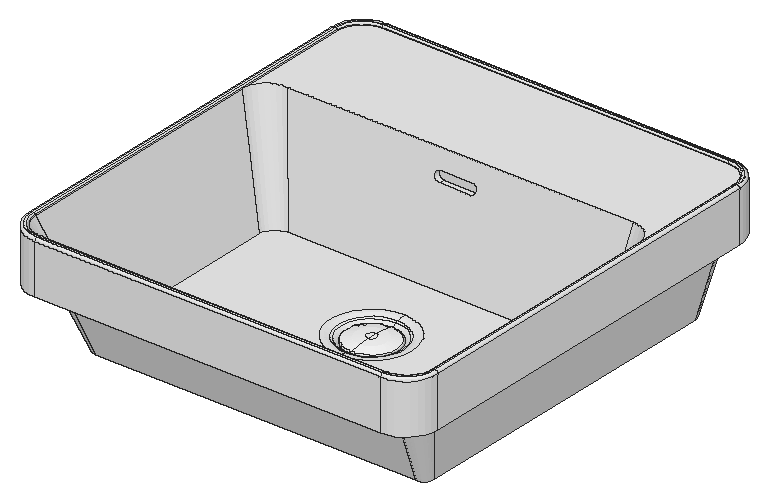
Revit family "Reece_Basin_Posh_Domaine_Semi Inset", category Plumbing Fixtures, host Face, Revit 2018
Family settings
  Host = Face
  Round Connector Dimension = Use Diameter
  Part Type = Normal
  Cut with Voids When Loaded = No
  Shared = Yes
  Room Calculation Point = Yes
Parameters
  WFU = 0  # constant formula
  URL = "https://www.reece.com.au/product/-9508855"
  Type Comments = "Basin"
  Reece_Product_Web Page = "https://www.reece.com.au/product/-9508855"
  Reece_Product_Type = "Basin"  # constant formula
  Reece_Product_Sub Brand = "Domaine"  # constant formula
  Reece_Product_Number = "9508855"
  Reece_Product_Mount = "Semi Inset"
  Reece_Product_Description = "Posh Domaine Semi Inset Overflow Basin 1 Taphole White"  # constant formula
  Reece_Product_Brand = "Posh"  # constant formula
  Reece_Overall_Width = 390 mm  # constant formula
  Reece_Overall_Length = 420 mm  # constant formula
  Reece_Overall_Height = 120 mm  # constant formula
  Reece_Overall_Capacity = 5.50 L  # constant formula
  Reece_Material_Secondary = Reece_Brass_Chrome
  Reece_Material-Main = Reece_Vitreous China_White
  Reece_Detail_Installation = "Semi Inset"  # constant formula
  Reece_Detail_Disclaimer = "THIS FILE IS THE PROPERTY OF THE REECE GROUP. IT MAY NOT BE REPRODUCED, REVERSE-ENGINEERED OR MODIFIED. ANY REPUBLICATION, TRANSMISSION OR DISTRIBUTION FOR THE PURPOSE OF COMMERCIALLY EXPLOITING THE FILES IS PROHIBITED."  # constant formula
  Reece_Detail_Connector = "1 Taphole"  # constant formula
  Reece_Detail_Additional = "Overflow"  # constant formula
  Reece_Basin_Taphole 1 = yes
  Reece_Basin_Supply Diameter 1 = 35 mm  # constant formula
  Reece_Basin_Outlet = 40 mm  # constant formula
  Model = "Domaine"
  Manufacturer = "Posh"
  Keynote = "Product #9508855, Reece_Basin_Posh_Domaine_Semi Inset -  "
  HWFU = 0  # constant formula
  Disclaimer = "THIS FILE IS THE PROPERTY OF THE REECE GROUP. IT MAY NOT BE REPRODUCED, REVERSE-ENGINEERED OR MODIFIED. ANY REPUBLICATION, TRANSMISSION OR DISTRIBUTION FOR THE PURPOSE OF COMMERCIALLY EXPLOITING THE FILES IS PROHIBITED."  # constant formula
  Description = "Posh Domaine Semi Inset Overflow Basin 1 Taphole White"
  Default Elevation = 1000 mm
  CWFU = 0  # constant formula
Types (2, lengths in mm): name | Keynote
  (no name) | "Product #9508855, Reece_Basin_Posh_Domaine_Semi Inset -  "
  1 Taphole_Vitreous China_White | "Product #9508855, Reece_Basin_Posh_Domaine_Semi Inset - 1 Taphole_Vitreous China_White"
Reference planes
  plane 1 "Center (Front/Back)": y = -79.125
  plane 2 "Bottom": z = 0
  plane 3 "Center (Left/Right)": x = 0
  plane 4: x = -195
  plane 5: x = 195
  plane 6: y = 130.875
  plane 7: y = -289.125
  plane 8: z = 50
  plane 9: z = -70
  plane 10: y = 70.875
  plane 11: y = -79.125
  plane 12: y = -94.125
Forms (mm)
  Sweep 1, solid, material "Reece_Vitreous China_White" <- "Reece_Material-Main"
    path origin (0, -2.5, 47.5) x (1, 0, 0) y (0, 1, 0)
      loop
        line (-195, 103.375) -> (-195, -256.66)
        arc (-195, -256.66) -> (-186.213, -277.873) -> (-165, -286.66) r 30
        line (-165, -286.66) -> (165, -286.66)
        arc (165, -286.66) -> (186.213, -277.873) -> (195, -256.66) r 30
        line (195, -256.66) -> (195, 103.375)
        arc (195, 103.375) -> (186.213, 124.589) -> (165, 133.375) r 30
        line (165, 133.375) -> (-165, 133.375)
        arc (-165, 133.375) -> (-186.213, 124.589) -> (-195, 103.375) r 30
    profile origin (-195, -79.142, 47.5) x (1, 0, 0) y (0, 0, 1)
      loop
        line (0, -47.5) -> (6, -47.5) -> (6, 1)
        arc (6, 1) -> (5.561, 2.061) -> (4.5, 2.5) r 1.5
        line (4.5, 2.5) -> (2.5, 2.5)
        arc (2.5, 2.5) -> (0.732, 1.768) -> (0, 0) r 2.5
        line (0, 0) -> (0, -47.5)
  SweptBlend 2, void
    path origin (0, -79.125, -70) x (1, 0, 0) y (0, 0, 1)
      loop
        line (0, 118.5) -> (0, 10)
    profile origin (0, -79.125, 48.5) x (0, -1, 0) y (1, 0, 0)
      loop
        line (-90, 165.002) -> (-90, -165.002)
        arc (-90, -165.002) -> (-82.971, -181.972) -> (-66, -189.002) r 24
        line (-66, -189.002) -> (180.035, -189.002)
        arc (180.035, -189.002) -> (197.005, -181.971) -> (204.035, -165) r 24
        line (204.035, -165) -> (204.035, 165)
        arc (204.035, 165) -> (197.005, 181.971) -> (180.035, 189) r 24
        line (180.035, 189) -> (-66, 189.002)
        arc (-66, 189.002) -> (-82.971, 181.972) -> (-90, 165.002) r 24
    end profile origin (0, -79.125, -60) x (0, -1, 0) y (1, 0, 0)
      loop
        arc (-68, -146.7) -> (-63.607, -157.307) -> (-53, -161.7) r 15
        line (-53, -161.7) -> (139.402, -161.7)
        arc (139.402, -161.7) -> (150.009, -157.307) -> (154.402, -146.7) r 15
        line (154.402, -146.7) -> (154.402, 146.7)
        arc (154.402, 146.7) -> (150.009, 157.307) -> (139.402, 161.7) r 15
        line (139.402, 161.7) -> (-53, 161.7)
        arc (-53, 161.7) -> (-63.607, 157.307) -> (-68, 146.7) r 15
        line (-68, 146.7) -> (-68, -146.7)
  Revolve 3, void
    sketch origin (0, 45, -82) x (0, 1, 0) y (0, 0, 1)
      loop
        arc (-178.125, 22) -> (-174.202, 21.612) -> (-170.432, 20.462) r 20
        line (-170.432, 20.462) -> (-168.278, 19.564)
        arc (-168.278, 19.564) -> (-163.804, 15.88) -> (-162.125, 10.333) r 10
        line (-162.125, 10.333) -> (-162.125, 0) -> (-139.125, 0) -> (-139.125, 22) -> (-178.125, 22)
      axis (-139.125, 22) -> (-139.125, 0)
    angle from 0 to 360
  Revolve 4, solid, material "Reece_Brass_Chrome" <- "Reece_Material_Secondary"
    sketch origin (0, -17.5, -65.585) x (0, 1, 0) y (0, 0, 1)
      loop
        line (-99.428, -1.603) -> (-76.625, -1.603) -> (-76.625, 4.528) -> (-81.386, 4.528)
        arc (-81.386, 4.528) -> (-91.145, 3.836) -> (-100.708, 1.772) r 69.106
        arc (-100.708, 1.772) -> (-101.398, 1.06) -> (-101.136, 0.105) r 1
        line (-101.136, 0.105) -> (-99.428, -1.603)
      axis (-76.625, 4.528) -> (-76.625, -1.603)
    angle from 0 to 360
  Extrusion 5, void
    sketch origin (0, -79.125, -70) x (1, 0, 0) y (0, 0, 1)
      loop
        arc (-15, 101) -> (-20, 96) -> (-15, 91) r 5
        line (-15, 91) -> (15, 91)
        arc (15, 91) -> (20, 96) -> (15, 101) r 5
        line (15, 101) -> (-15, 101)
    from -90.035 to -59.6
  SweptBlend 6, solid, material "Reece_Vitreous China_White" <- "Reece_Material-Main"
    path origin (0, -79.125, -70) x (1, 0, 0) y (0, 0, 1)
      loop
        line (0, 118.5) -> (0, 0)
    profile origin (0, -79.125, 48.5) x (0, -1, 0) y (1, 0, 0)
      loop
        line (-180, -192.202) -> (180, -192.202)
        arc (180, -192.202) -> (199.233, -184.233) -> (207.2, -165) r 27.2
        line (207.2, -165) -> (207.2, 165.002)
        arc (207.2, 165.002) -> (199.233, 184.235) -> (180, 192.202) r 27.2
        line (180, 192.202) -> (-180, 192.202)
        arc (-180, 192.202) -> (-199.233, 184.235) -> (-207.2, 165.002) r 27.2
        line (-207.2, 165.002) -> (-207.2, -165.002)
        arc (-207.2, -165.002) -> (-199.233, -184.235) -> (-180, -192.202) r 27.2
    end profile origin (0, -79.125, -70) x (0, -1, 0) y (1, 0, 0)
      loop
        arc (-178, -152.4) -> (-175.071, -159.471) -> (-168, -162.4) r 10
        line (-168, -162.4) -> (143.002, -162.4)
        arc (143.002, -162.4) -> (150.073, -159.471) -> (153.002, -152.4) r 10
        line (153.002, -152.4) -> (153.002, 152.4)
        arc (153.002, 152.4) -> (150.073, 159.471) -> (143.002, 162.4) r 10
        line (143.002, 162.4) -> (-168, 162.4)
        arc (-168, 162.4) -> (-175.071, 159.471) -> (-178, 152.4) r 10
        line (-178, 152.4) -> (-178, -152.4)
  Extrusion 7, void
    sketch origin (0, 0, 0) x (1, 0, 0) y (0, 1, 0)
      loop
        line (155, 123.777) -> (-155, 123.777)
        arc (-155, 123.777) -> (-178.265, 114.141) -> (-187.902, 90.875) r 32.902
        line (-187.902, 90.875) -> (-187.902, -249.16)
        arc (-187.902, -249.16) -> (-178.265, -272.425) -> (-155, -282.062) r 32.902
        line (-155, -282.062) -> (155, -282.062)
        arc (155, -282.062) -> (178.265, -272.425) -> (187.902, -249.16) r 32.902
        line (187.902, -249.16) -> (187.902, 90.875)
        arc (187.902, 90.875) -> (178.265, 114.141) -> (155, 123.777) r 32.902
    from 0 to -150
  Revolve 8, solid
    sketch origin (0, 0, 0) x (0, 1, 0) y (0, 0, 1)
      loop
        line (-119.125, -70) -> (-129.125, -70) -> (-129.125, -90) -> (-119.125, -90) -> (-119.125, -70)
      axis (-94.125, -70) -> (-94.125, -90)
    angle from 0 to 360
Cuts and joins
  SweptBlend 2, Revolve 3, Extrusion 5 cuts SweptBlend 6
  Revolve 3, Extrusion 5 cuts Sweep 1
Lines and regions (mm)
  model lines, visible <- "Reece_Basin_Taphole 1"
    curve 1: circle (0, 70.875, 50) r 17.5 normal (0, 0, 1)
Text (mm)
  text "Reece Copyright © 2018, Reece Ltd." at (-1108.834, -679.227, 0), in view "Ref. Level"
  text "Reece ©" at (44.384, 258.95, 192.345), in view "Reece Preview"
Dimensions and locks
  plane 7 to plane 1 "Center (Front/Back)" to plane 6 = 210 mm, 210 mm
  "Reece_Overall_Length": plane 7 to plane 6
  plane 4 to plane 3 "Center (Left/Right)" to plane 5 = 195 mm, 195 mm
  "Reece_Overall_Width": plane 4 to plane 5
  "Reece_Overall_Height": plane 8 to plane 9
  plane 12 to plane 10 to plane 6 = 165 mm, 60 mm
  equal spacing: plane 7, plane 11, plane 6
  "Reece_Overall_Width": cut or joined group of Sweep 1, Revolve 3, Extrusion 5 to plane 5
  "Reece_Overall_Length": cut or joined group of Sweep 1, Revolve 3, Extrusion 5 to plane 7
  plane 8 to host face = 50 mm  (x2)
  aligned and locked: host face to plane 2 "Bottom"
  aligned and locked: level to host face
Automatic sketch dimensions
  host sketch curve to host sketch curve = 696.216 mm
  host sketch curve to host sketch curve = 618.927 mm
  Sweep 1 sketch curve to plane 4 = 0 mm
  plane 6 to Sweep 1 sketch curve = 0 mm
  Sweep 1 sketch curve to plane 5 = 0 mm
  Sweep 1 sketch curve to plane 4 = 30 mm  (x2)
  plane 7 to Sweep 1 sketch curve = 0.035 mm
  Sweep 1 sketch curve to plane 7 = 29.965 mm
  plane 5 to Sweep 1 sketch curve = 30 mm
  SweptBlend 2 sketch curve to plane 3 "Center (Left/Right)" = 0 mm
  plane 9 to SweptBlend 2 sketch curve = 10 mm
  plane 8 to SweptBlend 2 sketch curve = 1.5 mm
  SweptBlend 2 sketch curve to plane 1 "Center (Front/Back)" = 90 mm
  SweptBlend 2 sketch curve to SweptBlend 2 sketch curve = 24 mm  (x6)
  plane 1 "Center (Front/Back)" to SweptBlend 2 sketch curve = 180.035 mm
  profile plane to SweptBlend 2 sketch curve = 189.002 mm
  SweptBlend 2 sketch curve to profile plane = 165 mm
  SweptBlend 2 sketch curve to plane 1 "Center (Front/Back)" = 68 mm
  SweptBlend 2 sketch curve to SweptBlend 2 sketch curve = 15 mm  (x3)
  plane 1 "Center (Front/Back)" to SweptBlend 2 sketch curve = 139.402 mm  (x2)
  profile plane to SweptBlend 2 sketch curve = 161.7 mm
  SweptBlend 2 sketch curve to profile plane = 146.7 mm
  Revolve 3 sketch curve to plane 9 = 10 mm
  plane 1 "Center (Front/Back)" to Revolve 3 sketch curve = 54 mm
  Revolve 3 sketch curve to plane 9 = 1.667 mm
  Revolve 3 sketch curve to Revolve 3 sketch curve = 6 mm
  plane 9 to Revolve 3 sketch curve = 8.462 mm
  Revolve 3 sketch curve to Revolve 3 sketch curve = 7.692 mm
  plane 9 to Revolve 3 sketch curve = 7.564 mm
  Revolve 3 sketch curve to Revolve 3 sketch curve = 2.154 mm
  plane 1 "Center (Front/Back)" to Revolve 3 sketch curve = 15 mm  (x2)
  Revolve 3 sketch curve to plane 9 = 12 mm
  plane 9 to Revolve 3 sketch curve = 10 mm
  Revolve 3 sketch curve to Revolve 3 sketch curve = 0 mm
  Revolve 3 sketch curve to Revolve 3 sketch curve = 33 mm
  Revolve 3 sketch curve to Revolve 3 sketch curve = 10 mm
  plane 9 to Revolve 4 sketch curve = 4.52 mm
  plane 1 "Center (Front/Back)" to Revolve 4 sketch curve = 39.511 mm
  Revolve 4 sketch curve to Revolve 4 sketch curve = 0.707 mm  (x2)
  Revolve 4 sketch curve to Revolve 4 sketch curve = 1.708 mm
  plane 1 "Center (Front/Back)" to Revolve 4 sketch curve = 19.761 mm
  Revolve 4 sketch curve to Revolve 4 sketch curve = 4.761 mm  (x2)
  plane 9 to Revolve 4 sketch curve = 2.813 mm
  Revolve 4 sketch curve to plane 9 = 60.163 mm
  Revolve 4 sketch curve to Revolve 4 sketch curve = 6.131 mm
  Revolve 4 sketch curve to Revolve 4 sketch curve = 5.422 mm
  Revolve 4 sketch curve to Revolve 4 sketch curve = 20.472 mm
  Extrusion 5 sketch curve to plane 3 "Center (Left/Right)" = 15 mm
  plane 3 "Center (Left/Right)" to Extrusion 5 sketch curve = 15 mm
  level to Extrusion 5 sketch curve = 21 mm
  Extrusion 5 sketch curve to Extrusion 5 sketch curve = 5 mm
  curve 1 to plane 3 "Center (Left/Right)" = 0 mm
  SweptBlend 6 sketch curve to plane 3 "Center (Left/Right)" = 0 mm
  SweptBlend 6 sketch curve to plane 9 = 0 mm
  plane 8 to SweptBlend 6 sketch curve = 1.5 mm
  SweptBlend 6 sketch curve to plane 1 "Center (Front/Back)" = 178 mm
  SweptBlend 6 sketch curve to SweptBlend 6 sketch curve = 10 mm  (x3)
  plane 1 "Center (Front/Back)" to SweptBlend 6 sketch curve = 143.002 mm  (x2)
  profile plane to SweptBlend 6 sketch curve = 162.4 mm
  SweptBlend 6 sketch curve to profile plane = 152.4 mm
  Extrusion 7 sketch curve to plane 4 = 7.098 mm
  Extrusion 7 sketch curve to Extrusion 7 sketch curve = 32.902 mm  (x2)
  Extrusion 7 sketch curve to plane 7 = 7.063 mm
  plane 5 to Extrusion 7 sketch curve = 40 mm  (x2)
  plane 5 to Extrusion 7 sketch curve = 7.098 mm
  plane 6 to Extrusion 7 sketch curve = 40 mm
  Revolve 8 sketch curve to plane 9 = 0 mm
  Revolve 8 sketch curve to plane 9 = 20 mm
  plane 1 "Center (Front/Back)" to Revolve 8 sketch curve = 50 mm
  plane 1 "Center (Front/Back)" to Revolve 8 sketch curve = 40 mm
  Revolve 8 sketch curve to Revolve 8 sketch curve = 25 mm
  Revolve 8 sketch curve to Revolve 8 sketch curve = 57.188 mm
  Revolve 8 sketch curve to Revolve 8 sketch curve = 2.813 mm
  plane 6 to curve 1 = 60 mm
  profile plane to Sweep 1 sketch curve = 0 mm
  Sweep 1 sketch curve to profile plane = 0 mm
  profile plane to Sweep 1 sketch curve = 1 mm
  Sweep 1 sketch curve to profile plane = 2.5 mm
  Sweep 1 sketch curve to Sweep 1 sketch curve = 2 mm
  Sweep 1 sketch curve to Sweep 1 sketch curve = 47.5 mm
  SweptBlend 6 sketch curve to plane 1 "Center (Front/Back)" = 207.2 mm
  SweptBlend 6 sketch curve to SweptBlend 6 sketch curve = 27.2 mm  (x3)
  plane 1 "Center (Front/Back)" to SweptBlend 6 sketch curve = 180 mm  (x2)
  SweptBlend 6 sketch curve to SweptBlend 6 sketch curve = 0 mm
  profile plane to SweptBlend 6 sketch curve = 192.202 mm
  SweptBlend 6 sketch curve to SweptBlend 6 sketch curve = 27.202 mm
  SweptBlend 6 sketch curve to profile plane = 165.002 mm
  SweptBlend 2 sketch curve to SweptBlend 2 sketch curve = 24.002 mm
  SweptBlend 2 sketch curve to profile plane = 165.002 mm
  radius of curve 1 = 17.5 mm
Connectors
  piping at (0, -94.125, -90), diameter 40, driven by "Reece_Basin_Outlet"
    settings: on Revolve 8, index 1, connector inside diameter 609.6 mm, connector length 0 mm, flow factor 0, pipe flow 0.0 L/s, pressure drop 0.0 Pa, fitting loss kfactor 0, connector angle 0.00°, fixture units 0, engagement length 0 mm, angle of deflection 0.00°, flow configuration 0, flow direction 2, fitting loss method 0, system type 16, joint type 0, gender type 0, connector reference index -1, connector utility 0, adjustable connector no, is connector primary yes, connector description ""
